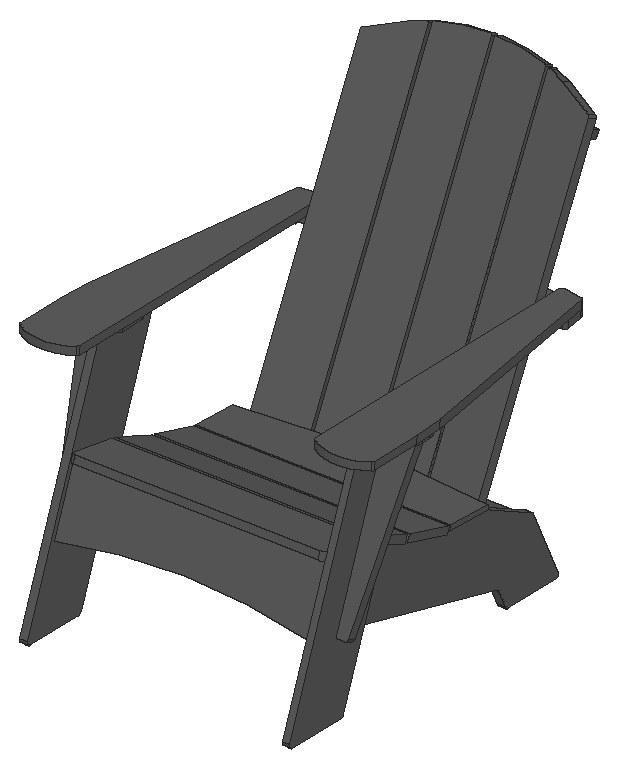
Revit family "Lollygagger Adirondack 4 Slat Curve", category Furniture, Revit 2016
Family settings
  OmniClass Number = 23.40.20.00
  OmniClass Title = General Furniture and Specialties
  Work Plane-Based = No
  Always vertical = Yes
  Cut with Voids When Loaded = No
  Shared = No
  Room Calculation Point = No
Parameters (values of type "Loll-Black")
  Width = 34 3/4"  # constant formula
  URL = "https://lolldesigns.com/"
  Type Image = adirondack_4slat_curve.jpg
  Thick = 5/8"  # constant formula
  Model = ""
  Manufacturer = "Looll"  # constant formula
  Length = 28 1/2"  # constant formula
  Height Arm = 20 5/64"  # constant formula
  Finish Material = Loll-Black
Reference planes (in)
  plane 1 "Center Front/Back": y = 0
  plane 2: z = 0
  plane 3 "Center Left/Right": x = 0
  plane 4: x = 14.25
  plane 5: x = -14.25
  plane 6: y = 17.37188
  plane 7: y = -17.37812
  plane 8: x = 10.86384
  plane 9: x = -10.88616
  plane 10: z = 20.07812
  plane 11: z = 19.45312
  plane 12: x = -10.26116
  plane 13: x = 10.23884
  plane 14: y = -14.04886
  plane 15: z = 18.82812
Forms (in)
  Extrusion 1, solid, material "Loll-Black" <- "Finish Material"
    sketch origin (-10.26116, -10.90292, 10.12102) x (0, -0.93358, 0.358368) y (0, -0.358368, -0.93358)
      loop
        line (2.51973, -9.0288) -> (2.51973, 11.44456)
        arc (2.51973, 11.44456) -> (2.41134, 11.65059) -> (2.18014, 11.67796) r 0.25
        line (2.18014, 11.67796) -> (-2.31986, 9.95057)
        arc (-2.31986, 9.95057) -> (-2.4363, 9.85878) -> (-2.48027, 9.71717) r 0.25
        line (-2.48027, 9.71717) -> (-2.48027, -10.94812) -> (-1.18605, -10.45132) -> (-1.34266, -10.04334) -> (-1.09993, -9.95017) -> (-1.05334, -10.07153) -> (0.67845, -9.40676) -> (0.63186, -9.2854) -> (0.87459, -9.19222) -> (1.0312, -9.6002) -> (2.51973, -9.0288)
    from -0.625 to 0
  Extrusion 2, solid, material "Loll-Black" <- "Finish Material"
    sketch origin (-3.01116, -10.90292, 10.12102) x (0, -0.93358, 0.358368) y (0, -0.358368, -0.93358)
      loop
        line (2.51838, -9.02932) -> (2.51838, 11.44404)
        arc (2.51838, 11.44404) -> (2.40998, 11.65007) -> (2.17879, 11.67744) r 0.25
        line (2.17879, 11.67744) -> (-2.32121, 9.95005)
        arc (-2.32121, 9.95005) -> (-2.43765, 9.85825) -> (-2.48162, 9.71665) r 0.25
        line (-2.48162, 9.71665) -> (-2.48162, -10.94864) -> (-1.18605, -10.45132) -> (-1.34402, -10.03981) -> (-1.10129, -9.94663) -> (-1.0547, -10.068) -> (0.67709, -9.40322) -> (0.6305, -9.28186) -> (0.87323, -9.18868) -> (1.0312, -9.6002) -> (2.51838, -9.02932)
    from 13.25 to 13.875
  Extrusion 3, solid, material "Loll-Black" <- "Finish Material"
    sketch origin (-9.63616, -1.7845, 5.66873) x (0, 0, 1) y (0, -1, 0)
      loop
        line (-4.03394, -6.1895) -> (-5.52439, -6.88451)
        arc (-5.52439, -6.88451) -> (-5.62958, -6.97676) -> (-5.66873, -7.11109) r 0.25
        line (-5.66873, -7.11109) -> (-5.66873, -11.91512)
        arc (-5.66873, -11.91512) -> (-5.55306, -12.12597) -> (-5.31308, -12.1417) r 0.25
        line (-5.31308, -12.1417) -> (0.02024, -9.65473)
        arc (0.02024, -9.65473) -> (0.08982, -9.60647) -> (0.13929, -9.53775) r 0.25
        line (0.13929, -9.53775) -> (2.2172, -5.27739)
        arc (2.2172, -5.27739) -> (2.23434, -5.23117) -> (2.24207, -5.18248) r 0.25
        line (2.24207, -5.18248) -> (2.47898, -1.15481) -> (3.67286, 3.0794) -> (5.26103, 7.14949) -> (5.77469, 10.10331) -> (5.61374, 10.1651)
        arc (5.61374, 10.1651) -> (5.47494, 10.29681) -> (5.46994, 10.48808) r 0.25
        line (5.46994, 10.48808) -> (0.80203, 12.27992) -> (0.70169, 12.01853) -> (-3.89898, -6.03077)
        arc (-3.89898, -6.03077) -> (-3.94914, -6.12487) -> (-4.03394, -6.1895) r 0.25
    from -0.625 to 0
  Extrusion 4, solid, material "Loll-Black" <- "Finish Material"
    sketch origin (6.86384, -1.7845, 5.66873) x (0, 0, 1) y (0, -1, 0)
      loop
        line (-4.03394, -6.1895) -> (-5.52439, -6.88451)
        arc (-5.52439, -6.88451) -> (-5.62958, -6.97676) -> (-5.66873, -7.11109) r 0.25
        line (-5.66873, -7.11109) -> (-5.66873, -11.91512)
        arc (-5.66873, -11.91512) -> (-5.55306, -12.12597) -> (-5.31308, -12.1417) r 0.25
        line (-5.31308, -12.1417) -> (0.02024, -9.65473)
        arc (0.02024, -9.65473) -> (0.08982, -9.60647) -> (0.13929, -9.53775) r 0.25
        line (0.13929, -9.53775) -> (2.2172, -5.27739)
        arc (2.2172, -5.27739) -> (2.23434, -5.23117) -> (2.24207, -5.18248) r 0.25
        line (2.24207, -5.18248) -> (2.47898, -1.15481) -> (3.67286, 3.0794) -> (5.26103, 7.14949) -> (5.77469, 10.10331) -> (5.61374, 10.1651)
        arc (5.61374, 10.1651) -> (5.47494, 10.29681) -> (5.46994, 10.48808) r 0.25
        line (5.46994, 10.48808) -> (0.80203, 12.27992) -> (0.70169, 12.01853) -> (-3.89898, -6.03077)
        arc (-3.89898, -6.03077) -> (-3.94914, -6.12487) -> (-4.03394, -6.1895) r 0.25
    from 2.75 to 3.375
  Extrusion 5, solid, material "Loll-Black" <- "Finish Material"
    sketch origin (-0.01116, 1.64458, 7.82612) x (0, 0.998275, -0.058719) y (1, 0, 0)
      loop
        arc (1.61699, -10.25) -> (2.63583, 0) -> (1.61699, 10.25) r 52.06962
        line (1.61699, 10.25) -> (-2.11282, 10.25) -> (-2.11282, -10.25) -> (1.61699, -10.25)
    from -0.625 to 0
  Extrusion 6, solid, material "Loll-Black" <- "Finish Material"
    sketch origin (-0.01116, -2.81072, 8.56787) x (0, 0.962473, -0.271379) y (1, 0, 0)
      loop
        line (2.03906, -10.25) -> (2.03906, 10.25379) -> (-2.03906, 10.25379) -> (-2.03906, -10.25) -> (2.03906, -10.25)
    from -0.625 to 0
  Extrusion 7, solid, material "Loll-Black" <- "Finish Material"
    sketch origin (-0.01116, -6.98711, 9.96881) x (0, 0.93159, -0.363512) y (1, 0, 0)
      loop
        line (-2.03906, 10.25379) -> (-2.03906, -10.25) -> (2.03906, -10.25) -> (2.03906, 10.25379) -> (-2.03906, 10.25379)
    from -0.625 to 0
  Extrusion 8, solid, material "Loll-Black" <- "Finish Material"
    sketch origin (-0.01116, -11.04345, 11.74065) x (1, 0, 0) y (0, 0.985215, -0.171324)
      loop
        line (-10.24257, 2.0734) -> (-10.24257, -1.72687)
        arc (-10.24257, -1.72687) -> (-10.13273, -1.99204) -> (-9.86757, -2.10187) r 0.375
        line (-9.86757, -2.10187) -> (9.87879, -2.10187)
        arc (9.87879, -2.10187) -> (10.14395, -1.99204) -> (10.25379, -1.72687) r 0.375
        line (10.25379, -1.72687) -> (10.25379, 2.0734) -> (-10.24257, 2.0734)
    from -0.625 to 0
  Extrusion 9, solid, material "Loll-Black" <- "Finish Material"
    sketch origin (11.80559, -10.12644, 13.06711) x (-1, 0, 0) y (0, -0.358368, -0.93358)
      loop
        line (-1.69448, -6.24736) -> (-1.69448, -6.50745) -> (0.94174, -6.50745) -> (0.94174, 7.50264) -> (0.15271, 7.50264)
        arc (0.15271, 7.50264) -> (-0.01337, 7.4395) -> (-0.09556, 7.28198) r 0.25
        line (-0.09556, 7.28198) -> (-1.69448, -6.24736)
    from -0.625 to 0
  Extrusion 10, solid, material "Loll-Black" <- "Finish Material"
    sketch origin (-11.8279, -9.54295, 12.84313) x (1, 0, 0) y (0, -0.358368, -0.93358)
      loop
        line (-1.67204, -6.24736) -> (-1.67204, -6.50745) -> (0.94174, -6.50745) -> (0.94174, 7.50264) -> (0.17516, 7.50264)
        arc (0.17516, 7.50264) -> (0.00908, 7.4395) -> (-0.07311, 7.28198) r 0.25
        line (-0.07311, 7.28198) -> (-1.67204, -6.24736)
    from -0.625 to 0
  Extrusion 11, solid, material "Loll-Black" <- "Finish Material"
    sketch origin (-0.32366, -3.77232, 7.45771) x (0, -0.983508, 0.180862) y (0, 0.180862, 0.983508)
      loop
        line (-9.48348, -1.36895) -> (9.58468, -1.36895)
        arc (9.58468, -1.36895) -> (9.60772, -1.36788) -> (9.63058, -1.3647) r 0.25
        line (9.63058, -1.3647) -> (9.66846, -1.35762) -> (9.02566, 2.08378)
        arc (9.02566, 2.08378) -> (8.99139, 2.07682) -> (8.95649, 2.07471) r 0.25
        line (8.95649, 2.07471) -> (5.73847, 2.1059) -> (1.46728, 1.2837) -> (-2.9717, 0.86985) -> (-6.63029, 1.32256) -> (-10.55812, 0.22736)
        arc (-10.55812, 0.22736) -> (-10.63343, 0.16836) -> (-10.64495, 0.07338) r 0.125
        line (-10.64495, 0.07338) -> (-10.44673, -0.63753)
        arc (-10.44673, -0.63753) -> (-10.08821, -1.16537) -> (-9.48348, -1.36895) r 1
    from -0.625 to 0
  Extrusion 12, solid, material "Loll-Black" <- "Finish Material"
    sketch origin (-0.01116, 5.8202, 6.52483) x (1, 0, 0) y (0, 0.898794, -0.438371)
      loop
        line (-9.625, 1.70263) -> (-9.625, -2.29737) -> (-9.22039, -2.29737) -> (-9.26974, -1.96342) -> (-4.87095, -1.31339) -> (-4.85102, -1.44822) -> (-4.57079, -1.42893) -> (-4.57659, -1.29899) -> (-0.14351, -1.10098) -> (-0.13749, -1.23578) -> (0.14351, -1.23578) -> (0.14351, -1.09876) -> (4.57659, -1.29677) -> (4.57079, -1.42671) -> (4.85102, -1.44601) -> (4.87095, -1.31117) -> (9.27579, -1.9621) -> (9.22624, -2.29737) -> (9.62879, -2.29737) -> (9.62879, 1.70263) -> (-9.625, 1.70263)
    from -0.625 to 0
  Extrusion 13, solid, material "Loll-Black" <- "Finish Material"
    sketch origin (-11.34614, -1.87695, 19.45312) x (1, 0, 0) y (0, -1, 0)
      loop
        arc (1.15533, 4.11078) -> (1.33182, 4.18389) -> (1.40492, 4.36037) r 0.24959
        line (1.40492, 4.36037) -> (1.40492, 6.36078)
        arc (1.40492, 6.36078) -> (1.3317, 6.53756) -> (1.15492, 6.61078) r 0.25
        line (1.15492, 6.61078) -> (-1.46629, 6.61078)
        arc (-1.46629, 6.61078) -> (-2.08501, 6.3545) -> (-2.34129, 5.73578) r 0.875
        line (-2.34129, 5.73578) -> (-2.34129, 4.98578)
        arc (-2.34129, 4.98578) -> (-2.08501, 4.36706) -> (-1.46629, 4.11078) r 0.875
        line (-1.46629, 4.11078) -> (1.15533, 4.11078)
      loop
        circle (-0.85634, 4.73887) r 0.15505
    from 0.625 to 0
  Extrusion 14, solid, material "Loll-Black" <- "Finish Material"
    sketch origin (11.34614, -1.87695, 19.45312) x (1, 0, 0) y (0, -1, 0)
      loop
        line (-1.14046, 4.11078) -> (1.48495, 4.11078)
        arc (1.48495, 4.11078) -> (2.10367, 4.36706) -> (2.35995, 4.98578) r 0.875
        line (2.35995, 4.98578) -> (2.35995, 5.73578)
        arc (2.35995, 5.73578) -> (2.10367, 6.3545) -> (1.48495, 6.61078) r 0.875
        line (1.48495, 6.61078) -> (-1.14005, 6.61078)
        arc (-1.14005, 6.61078) -> (-1.31683, 6.53756) -> (-1.39005, 6.36078) r 0.25
        line (-1.39005, 6.36078) -> (-1.39005, 4.36037)
        arc (-1.39005, 4.36037) -> (-1.31695, 4.18389) -> (-1.14046, 4.11078) r 0.24959
      loop
        circle (0.87499, 4.73887) r 0.15505
    from 0.625 to 0
  Extrusion 15, solid, material "Loll-Black" <- "Finish Material"
    sketch origin (-7.22706, 10.53671, 18.53855) x (-0.070356, 0.427917, 0.901076) y (0.986752, 0.162236, 0)
      loop
        line (-1.33393, 0.5) -> (-1.33393, -0.5)
        arc (-1.33393, -0.5) -> (-1.07765, -1.11872) -> (-0.45893, -1.375) r 0.875
        line (-0.45893, -1.375) -> (0.91607, -1.375)
        arc (0.91607, -1.375) -> (1.09284, -1.30178) -> (1.16607, -1.125) r 0.25
        line (1.16607, -1.125) -> (1.16607, 1.125)
        arc (1.16607, 1.125) -> (1.09284, 1.30178) -> (0.91607, 1.375) r 0.25
        line (0.91607, 1.375) -> (-0.45893, 1.375)
        arc (-0.45893, 1.375) -> (-1.07765, 1.11872) -> (-1.33393, 0.5) r 0.875
      loop
        circle (-0.83294, -0.00056) r 0.14999
    from -0.625 to 0
  Extrusion 16, solid, material "Loll-Black" <- "Finish Material"
    sketch origin (-2.38934, 10.47643, 18.80883) x (0.998767, 0.049636, 0) y (-0.021737, 0.437395, 0.899007)
      loop
        arc (0.5, -1.33393) -> (1.11872, -1.07765) -> (1.375, -0.45893) r 0.875
        line (1.375, -0.45893) -> (1.375, 0.91607)
        arc (1.375, 0.91607) -> (1.30178, 1.09284) -> (1.125, 1.16607) r 0.25
        line (1.125, 1.16607) -> (-1.125, 1.16607)
        arc (-1.125, 1.16607) -> (-1.30178, 1.09284) -> (-1.375, 0.91607) r 0.25
        line (-1.375, 0.91607) -> (-1.375, -0.45893)
        arc (-1.375, -0.45893) -> (-1.11872, -1.07765) -> (-0.5, -1.33393) r 0.875
        line (-0.5, -1.33393) -> (0.5, -1.33393)
      loop
        circle (-0.00166, -0.83134) r 0.14974
    from -0.625 to 0
  Extrusion 17, solid, material "Loll-Black" <- "Finish Material"
    sketch origin (7.22706, 10.53671, 18.53855) x (0.070356, 0.427917, 0.901076) y (0.986752, -0.162236, 0)
      loop
        arc (-1.33393, -0.5) -> (-1.07765, -1.11872) -> (-0.45893, -1.375) r 0.875
        line (-0.45893, -1.375) -> (0.91607, -1.375)
        arc (0.91607, -1.375) -> (1.09284, -1.30178) -> (1.16607, -1.125) r 0.25
        line (1.16607, -1.125) -> (1.16607, 1.125)
        arc (1.16607, 1.125) -> (1.09284, 1.30178) -> (0.91607, 1.375) r 0.25
        line (0.91607, 1.375) -> (-0.45893, 1.375)
        arc (-0.45893, 1.375) -> (-1.07765, 1.11872) -> (-1.33393, 0.5) r 0.875
        line (-1.33393, 0.5) -> (-1.33393, -0.5)
      loop
        circle (-0.83294, 0.00056) r 0.14999
    from -0.625 to 0
  Extrusion 18, solid, material "Loll-Black" <- "Finish Material"
    sketch origin (2.38934, 10.47643, 18.80883) x (-0.998767, 0.049636, 0) y (-0.021737, -0.437395, -0.899007)
      loop
        line (0.5, 1.33393) -> (-0.5, 1.33393)
        arc (-0.5, 1.33393) -> (-1.11872, 1.07765) -> (-1.375, 0.45893) r 0.875
        line (-1.375, 0.45893) -> (-1.375, -0.91607)
        arc (-1.375, -0.91607) -> (-1.30178, -1.09284) -> (-1.125, -1.16607) r 0.25
        line (-1.125, -1.16607) -> (1.125, -1.16607)
        arc (1.125, -1.16607) -> (1.30178, -1.09284) -> (1.375, -0.91607) r 0.25
        line (1.375, -0.91607) -> (1.375, 0.45893)
        arc (1.375, 0.45893) -> (1.11872, 1.07765) -> (0.5, 1.33393) r 0.875
      loop
        circle (-0.00166, 0.83134) r 0.14974
    from -0.625 to 0
  Extrusion 19, solid, material "Loll-Black" <- "Finish Material"
    sketch origin (-7.22706, 15.15449, 28.0064) x (-0.070356, 0.427917, 0.901076) y (0.986752, 0.162236, 0)
      loop
        circle (-0.10763, 0.30253) r 0.15414
      loop
        line (0.75534, 1.36649) -> (0.19427, 1.32648)
        arc (0.19427, 1.32648) -> (-0.73208, 0.2579) -> (0.33651, -0.66845) r 1
        line (0.33651, -0.66845) -> (0.89758, -0.62845) -> (0.75534, 1.36649)
    from -0.625 to 0
  Extrusion 20, solid, material "Loll-Black" <- "Finish Material"
    sketch origin (-2.38934, 15.09421, 28.27668) x (0.998767, 0.049636, 0) y (-0.021737, 0.437395, 0.899007)
      loop
        line (-0.96782, 0.65532) -> (-0.98006, 0.09296)
        arc (-0.98006, 0.09296) -> (-0.00206, -0.92857) -> (1.01946, 0.04944) r 1
        line (1.01946, 0.04944) -> (1.0317, 0.6118) -> (-0.96782, 0.65532)
      loop
        circle (0.01079, -0.30387) r 0.15479
    from -0.625 to 0
  Extrusion 21, solid, material "Loll-Black" <- "Finish Material"
    sketch origin (7.22706, 15.15449, 28.0064) x (0.070356, 0.427917, 0.901076) y (0.986752, -0.162236, 0)
      loop
        circle (-0.10763, -0.30253) r 0.15414
      loop
        line (0.74038, -1.36542) -> (0.88262, 0.62951) -> (0.33651, 0.66845)
        arc (0.33651, 0.66845) -> (-0.73208, -0.2579) -> (0.19427, -1.32648) r 1
        line (0.19427, -1.32648) -> (0.74038, -1.36542)
    from -0.625 to 0
  Extrusion 22, solid, material "Loll-Black" <- "Finish Material"
    sketch origin (2.38934, 15.09421, 28.27668) x (-0.998767, 0.049636, 0) y (-0.021737, -0.437395, -0.899007)
      loop
        line (-0.96782, -0.65532) -> (1.0317, -0.6118) -> (1.01946, -0.04944)
        arc (1.01946, -0.04944) -> (-0.00206, 0.92857) -> (-0.98006, -0.09296) r 1
        line (-0.98006, -0.09296) -> (-0.96782, -0.65532)
      loop
        circle (0.01079, 0.30387) r 0.15479
    from -0.625 to 0
  Extrusion 23, solid, material "Loll-Black" <- "Finish Material"
    sketch origin (-0.01116, 15.88921, 28.59444) x (0, 0.898794, -0.438371) y (1, 0, 0)
      loop
        line (1.12058, -5.03218) -> (1.34536, 0) -> (1.12058, 5.03207) -> (0.63501, 8.33304)
        arc (0.63501, 8.33304) -> (0.56692, 8.47079) -> (0.43111, 8.54269) r 0.25
        line (0.43111, 8.54269) -> (-1.26916, 8.84249) -> (-0.68778, 4.89316) -> (-0.87398, 4.86574) -> (-0.86169, 4.59049) -> (-0.67338, 4.59891) -> (-0.47437, 0.14356) -> (-0.65058, 0.13569) -> (-0.66268, -0.13515) -> (-0.47536, -0.14351) -> (-0.67338, -4.57659) -> (-0.86069, -4.56823) -> (-0.87299, -4.84358) -> (-0.68804, -4.87095) -> (-1.27254, -8.82065) -> (0.43111, -8.52025)
        arc (0.43111, -8.52025) -> (0.56692, -8.44834) -> (0.63501, -8.31059) r 0.25
        line (0.63501, -8.31059) -> (1.12058, -5.03218)
    from -0.625 to 0
  Extrusion 24, solid, material "Loll-Black" <- "Finish Material"
    sketch origin (-0.01116, 10.96931, 18.82983) x (0, -1, 0) y (1, 0, 0)
      loop
        line (-1.42725, -5.06811) -> (-0.41137, -11.24333)
        arc (-0.41137, -11.24333) -> (-0.33939, -11.38159) -> (-0.19948, -11.45033) r 0.25
        line (-0.19948, -11.45033) -> (1.35806, -11.66923)
        arc (1.35806, -11.66923) -> (1.55692, -11.61032) -> (1.64292, -11.42159) r 0.25007
        line (1.64292, -11.42159) -> (1.64292, -10.05787) -> (1.37176, -10.10245) -> (1.10944, -8.50681) -> (0.20886, -8.65487) -> (-0.24216, -5.91149) -> (0.65712, -5.76364) -> (0.51004, -4.86903) -> (0.45551, -3.7718) -> (-0.45596, -3.81709) -> (-0.59395, -1.04052) -> (0.31752, -0.99522) -> (0.26806, 0) -> (0.31752, 0.99522) -> (-0.59395, 1.04052) -> (-0.45596, 3.81709) -> (0.45551, 3.7718) -> (0.51004, 4.86903) -> (0.66084, 5.78609) -> (-0.24216, 5.93458) -> (0.20886, 8.67732) -> (1.10922, 8.52926) -> (1.37161, 10.1249) -> (1.64271, 10.08032) -> (1.64271, 11.44426)
        arc (1.64271, 11.44426) -> (1.55677, 11.63283) -> (1.35806, 11.69168) r 0.24986
        line (1.35806, 11.69168) -> (-0.19948, 11.47278)
        arc (-0.19948, 11.47278) -> (-0.33939, 11.40404) -> (-0.41137, 11.26577) r 0.25
        line (-0.41137, 11.26577) -> (-1.42725, 5.0912) -> (-1.6795, 0) -> (-1.42725, -5.06811)
    from -0.00171 to 0.62329
  Extrusion 25, solid, material "Loll-Black" <- "Finish Material"
    sketch origin (-0.01116, -13.76166, 9.0035) x (1, 0, 0) y (0, 0.358368, 0.93358)
      loop
        arc (0.875, -0.22284) -> (1.875, 0.77716) -> (0.875, 1.77716) r 1
        line (0.875, 1.77716) -> (0.3125, 1.77716) -> (0.3125, -0.22284) -> (0.875, -0.22284)
      loop
        circle (1.24771, 0.77295) r 0.15472
    from -1.25 to -0.625
  Extrusion 26, solid, material "Loll-Black" <- "Finish Material"
    sketch origin (-9.94866, -14.03044, 8.30331) x (1, 0, 0) y (0, 0.358368, 0.93358)
      loop
        arc (0.875, -0.22284) -> (1.875, 0.77716) -> (0.875, 1.77716) r 1
        line (0.875, 1.77716) -> (0.3125, 1.77716) -> (0.3125, -0.22284) -> (0.875, -0.22284)
      loop
        circle (1.24771, 0.77295) r 0.15472
    from -1.25 to -0.625
  Extrusion 27, solid, material "Loll-Black" <- "Finish Material"
    sketch origin (9.92501, -13.47351, 9.75415) x (-1, 0, 0) y (0, -0.358368, -0.93358)
      loop
        arc (0.8562, -0.22284) -> (1.8562, 0.77716) -> (0.8562, 1.77716) r 1
        line (0.8562, 1.77716) -> (0.31116, 1.77716) -> (0.31116, -0.22284) -> (0.8562, -0.22284)
      loop
        circle (1.22891, 0.77295) r 0.15472
    from -1.25 to -0.625
  Extrusion 28, solid, material "Loll-Black" <- "Finish Material"
    sketch origin (6.86384, -1.7845, 5.66873) x (0, 0, 1) y (0, -1, 0)
      loop
        line (0.78052, -6.33392) -> (0.27495, -6.08734)
        arc (0.27495, -6.08734) -> (-1.06221, -6.54776) -> (-0.60179, -7.88493) r 1
        line (-0.60179, -7.88493) -> (-0.09622, -8.13151) -> (0.78052, -6.33392)
      loop
        circle (-0.50097, -6.82302) r 0.15501
    from 2.125 to 2.75
  Extrusion 29, solid, material "Loll-Black" <- "Finish Material"
    sketch origin (-6.86384, -1.7845, 5.66873) x (0, 0, 1) y (0, 1, 0)
      loop
        line (0.78052, 6.33392) -> (-0.09622, 8.13151) -> (-0.60179, 7.88493)
        arc (-0.60179, 7.88493) -> (-1.06221, 6.54776) -> (0.27495, 6.08734) r 1
        line (0.27495, 6.08734) -> (0.78052, 6.33392)
      loop
        circle (-0.50097, 6.82302) r 0.15501
    from 2.14731 to 2.77231
  Extrusion 30, solid, material "Loll-Black" <- "Finish Material"
    sketch origin (0.7958, 5.11778, 5.47737) x (-1, 0, 0) y (0, 0.898794, -0.438371)
      loop
        line (0.49446, 1) -> (-0.06804, 1)
        arc (-0.06804, 1) -> (-1.06804, 0) -> (-0.06804, -1) r 1
        line (-0.06804, -1) -> (0.49446, -1) -> (0.49446, 1)
      loop
        circle (-0.44312, 0.00029) r 0.15386
    from -0.62438 to 0
  Extrusion 31, solid, material "Loll-Black" <- "Finish Material"
    sketch origin (-0.01116, -11.04345, 11.74065) x (1, 0, 0) y (0, 0.985215, -0.171324)
      loop
        line (-9.625, 1.5109) -> (-9.625, -0.4891) -> (-9.0625, -0.4891)
        arc (-9.0625, -0.4891) -> (-8.0625, 0.5109) -> (-9.0625, 1.5109) r 1
        line (-9.0625, 1.5109) -> (-9.625, 1.5109)
      loop
        circle (-8.68248, 0.51062) r 0.15521
    from -1.25 to -0.625
  Extrusion 32, solid, material "Loll-Black" <- "Finish Material"
    sketch origin (0.01116, -11.04345, 11.74065) x (-1, 0, 0) y (0, -0.985215, 0.171324)
      loop
        line (-9.60269, -1.5109) -> (-9.0813, -1.5109)
        arc (-9.0813, -1.5109) -> (-8.0813, -0.5109) -> (-9.0813, 0.4891) r 1
        line (-9.0813, 0.4891) -> (-9.60269, 0.4891) -> (-9.60269, -1.5109)
      loop
        circle (-8.70128, -0.51062) r 0.15521
    from -1.25 to -0.625
  Extrusion 33, solid, material "Loll-Black" <- "Finish Material"
    sketch origin (-0.01116, -7.2143, 9.38657) x (0, 0.93159, -0.363512) y (1, 0, 0)
      loop
        line (1, 9.0813) -> (1, 9.625) -> (-1, 9.625) -> (-1, 9.0813)
        arc (-1, 9.0813) -> (0, 8.0813) -> (1, 9.0813) r 1
      loop
        circle (-0.00076, 8.70652) r 0.15471
    from -0.625 to 0
  Extrusion 34, solid, material "Loll-Black" <- "Finish Material"
    sketch origin (0.01116, -7.2143, 9.38657) x (0, 0.93159, -0.363512) y (1, 0, 0)
      loop
        arc (1, -9.0625) -> (0, -8.0625) -> (-1, -9.0625) r 1
        line (-1, -9.0625) -> (-1, -9.64731) -> (1, -9.64731) -> (1, -9.0625)
      loop
        circle (-0.00076, -8.68772) r 0.15471
    from -0.625 to 0
  Extrusion 35, solid, material "Loll-Black" <- "Finish Material"
    sketch origin (-0.01116, -2.98033, 7.96632) x (0, 0.962473, -0.271379) y (1, 0, 0)
      loop
        line (-1, 9.62121) -> (-1, 9.07751)
        arc (-1, 9.07751) -> (0, 8.07751) -> (1, 9.07751) r 1
        line (1, 9.07751) -> (1, 9.62121) -> (-1, 9.62121)
      loop
        circle (-0.00006, 8.70285) r 0.15572
    from -0.625 to 0
  Extrusion 36, solid, material "Loll-Black" <- "Finish Material"
    sketch origin (0.01116, -2.98033, 7.96632) x (0, 0.962473, -0.271379) y (1, 0, 0)
      loop
        line (-1, -9.64731) -> (1, -9.64731) -> (1, -9.06629)
        arc (1, -9.06629) -> (0, -8.06629) -> (-1, -9.06629) r 1
        line (-1, -9.06629) -> (-1, -9.64731)
      loop
        circle (-0.00006, -8.69163) r 0.15572
    from -0.625 to 0
  Extrusion 37, solid, material "Loll-Black" <- "Finish Material"
    sketch origin (-0.01116, 1.64458, 7.82612) x (0, 0.998275, -0.058719) y (1, 0, 0)
      loop
        line (-1.33687, -9.0625) -> (-1.33687, -9.625) -> (0.66313, -9.625) -> (0.66313, -9.0625)
        arc (0.66313, -9.0625) -> (-0.33687, -8.0625) -> (-1.33687, -9.0625) r 1
      loop
        circle (-0.33658, -8.689) r 0.15482
    from 0 to 0.625
  Extrusion 38, solid, material "Loll-Black" <- "Finish Material"
    sketch origin (0.01116, 1.64458, 7.82612) x (0, 0.998275, -0.058719) y (1, 0, 0)
      loop
        arc (-1.33687, 9.0813) -> (-0.33687, 8.0813) -> (0.66313, 9.0813) r 1
        line (0.66313, 9.0813) -> (0.66313, 9.60269) -> (-1.33687, 9.60269) -> (-1.33687, 9.0813)
      loop
        circle (-0.33658, 8.7078) r 0.15482
    from 0 to 0.625
  Extrusion 39, solid, material "Loll-Black" <- "Finish Material"
    sketch origin (-11.34614, -1.87695, 0) x (0, -1, 0) y (1, 0, 0)
      loop
        arc (-13.25166, 1.84614) -> (-13.44224, 1.75794) -> (-13.49835, 1.55558) r 0.25
        line (-13.49835, 1.55558) -> (-13.25569, 0.07967)
        arc (-13.25569, 0.07967) -> (-13.18927, -0.05298) -> (-13.05938, -0.12464) r 0.25
        arc (-13.05938, -0.12464) -> (-4.30373, -1.68675) -> (4.52208, -2.78522) r 168.69148
        arc (4.52208, -2.78522) -> (5.73696, -2.87418) -> (6.95473, -2.90386) r 25
        line (6.95473, -2.90386) -> (11.20299, -2.90386)
        arc (11.20299, -2.90386) -> (11.31379, -2.87796) -> (11.40164, -2.80564) r 0.25
        arc (11.40164, -2.80564) -> (12.17192, -0.52886) -> (11.40164, 1.74793) r 3.75
        arc (11.40164, 1.74793) -> (11.31379, 1.82025) -> (11.20299, 1.84614) r 0.25
        line (11.20299, 1.84614) -> (-13.25166, 1.84614)
    from 19.45313 to 20.07812
  Extrusion 40, solid, material "Loll-Black" <- "Finish Material"
    sketch origin (11.34614, -1.7242, 0) x (0, 1, 0) y (-1, 0, 0)
      loop
        line (13.09891, 1.84614) -> (-11.35574, 1.84614)
        arc (-11.35574, 1.84614) -> (-11.46654, 1.82025) -> (-11.55439, 1.74793) r 0.25
        arc (-11.55439, 1.74793) -> (-12.32467, -0.52886) -> (-11.55439, -2.80564) r 3.75
        arc (-11.55439, -2.80564) -> (-11.46654, -2.87796) -> (-11.35574, -2.90386) r 0.25
        line (-11.35574, -2.90386) -> (-7.10748, -2.90386)
        arc (-7.10748, -2.90386) -> (-5.88971, -2.87418) -> (-4.67483, -2.78522) r 25
        arc (-4.67483, -2.78522) -> (4.15098, -1.68675) -> (12.90663, -0.12464) r 168.69148
        arc (12.90663, -0.12464) -> (13.03652, -0.05298) -> (13.10293, 0.07967) r 0.25
        line (13.10293, 0.07967) -> (13.34559, 1.55558)
        arc (13.34559, 1.55558) -> (13.28948, 1.75794) -> (13.09891, 1.84614) r 0.25
    from 19.45313 to 20.07812
  Extrusion 41, solid, material "Loll-Black" <- "Finish Material"
    sketch origin (-0.01116, -13.76166, 9.0035) x (1, 0, 0) y (0, 0.358368, 0.93358)
      loop
        line (-10.25, -2.72146) -> (-5.122, -1.98629) -> (0.01116, -1.7437) -> (5.14431, -1.98629) -> (10.25, -2.71827) -> (10.25, 2.77746) -> (9.62439, 2.77746)
        arc (9.62439, 2.77746) -> (0.01123, 2.65207) -> (-9.60194, 2.77687) r 369.42266
        line (-9.60194, 2.77687) -> (-10.25, 2.77687) -> (-10.25, -2.72146)
    from -0.625 to 0
  Extrusion 42, solid, material "Loll-Black" <- "Finish Material"
    sketch origin (-7.07702, 10.42112, 19.69219) x (-0.989257, -0.131392, 0.064084) y (0, 0.438371, 0.898794)
      loop
        arc (2.21875, 11.94237) -> (2.1914, 12.03281) -> (2.11852, 12.09293) r 0.1632
        arc (2.11852, 12.09293) -> (0.70974, 12.80158) -> (-0.74566, 13.40875) r 22.26584
        arc (-0.74566, 13.40875) -> (-1.3992, 13.63353) -> (-2.05877, 13.83996) r 24.71587
        arc (-2.05877, 13.83996) -> (-2.16728, 13.82955) -> (-2.21875, 13.73346) r 0.11544
        line (-2.21875, 13.73346) -> (-2.21875, -14.47665) -> (2.21875, -14.47665) -> (2.21875, 11.94237)
    from -0.625 to 0
  Extrusion 43, solid, material "Loll-Black" <- "Finish Material"
    sketch origin (7.07702, 10.42112, 19.69219) x (0.989257, -0.131392, 0.064084) y (0, -0.438371, -0.898794)
      loop
        line (2.21875, -11.94237) -> (2.21875, 14.47665) -> (-2.21875, 14.47665) -> (-2.21875, -13.73346)
        arc (-2.21875, -13.73346) -> (-2.16728, -13.82955) -> (-2.05877, -13.83996) r 0.11544
        arc (-2.05877, -13.83996) -> (-1.3992, -13.63353) -> (-0.74566, -13.40875) r 24.71587
        arc (-0.74566, -13.40875) -> (0.70974, -12.80158) -> (2.11852, -12.09293) r 22.26584
        arc (2.11852, -12.09293) -> (2.1914, -12.03281) -> (2.21875, -11.94237) r 0.1632
    from -0.625 to 0
  Extrusion 44, solid, material "Loll-Black" <- "Finish Material"
    sketch origin (-2.34776, 10.26381, 19.79582) x (0, 0.438371, 0.898794) y (-0.999004, -0.040107, 0.019562)
      loop
        arc (14.37345, -2.23443) -> (14.46244, -2.19722) -> (14.49844, -2.10773) r 0.125
        arc (14.49844, -2.10773) -> (14.34702, 0.01599) -> (13.95258, 2.10826) r 18.5
        arc (13.95258, 2.10826) -> (13.90826, 2.17655) -> (13.83128, 2.20307) r 0.125
        line (13.83128, 2.20307) -> (-14.49985, 2.20307) -> (-14.49985, -2.23443) -> (14.37345, -2.23443)
    from -0.625 to 0
  Extrusion 45, solid, material "Loll-Black" <- "Finish Material"
    sketch origin (2.34776, 10.26381, 19.79582) x (0, 0.438371, 0.898794) y (-0.999004, 0.040107, -0.019562)
      loop
        line (14.37345, 2.23443) -> (-14.49985, 2.23443) -> (-14.49985, -2.20307) -> (13.83128, -2.20307)
        arc (13.83128, -2.20307) -> (13.90826, -2.17655) -> (13.95258, -2.10826) r 0.125
        arc (13.95258, -2.10826) -> (14.34702, -0.01599) -> (14.49844, 2.10773) r 18.5
        arc (14.49844, 2.10773) -> (14.46244, 2.19722) -> (14.37345, 2.23443) r 0.125
    from -0.625 to 0
Lines and regions (in)
  Masking region 1
    outline origin (20.39075, 0, 8.91953) x (1, 0, 0) y (0, 0, 1)
      loop
        spline (-20.50631, 23.75135) -> (-20.50739, 23.76616) -> (-20.51064, 23.78076) -> (-20.51598, 23.79489) -> (-20.52332, 23.8083) -> (-20.53255, 23.82076) -> (-20.54349, 23.83206) -> (-20.55595, 23.84199) -> (-20.56973, 23.85039) -> (-20.58458, 23.85711) -> (-20.60023, 23.86203) -> (-20.61643, 23.86507) -> (-20.63288, 23.86617)
        spline (-20.63288, 23.86617) -> (-20.98748, 23.86571) -> (-21.34185, 23.85912) -> (-21.69587, 23.84641) -> (-22.0494, 23.82759) -> (-22.40232, 23.80265) -> (-22.75449, 23.77161) -> (-23.10579, 23.73448) -> (-23.45609, 23.69127) -> (-23.80525, 23.642) -> (-24.15316, 23.58669) -> (-24.49967, 23.52536) -> (-24.84467, 23.45802)
        spline (-24.84467, 23.45802) -> (-24.857, 23.45489) -> (-24.86887, 23.45062) -> (-24.88017, 23.44526) -> (-24.89077, 23.43887) -> (-24.90055, 23.43152) -> (-24.90942, 23.42328) -> (-24.91728, 23.41425) -> (-24.92404, 23.40451) -> (-24.92964, 23.39418) -> (-24.93401, 23.38336) -> (-24.93711, 23.37216) -> (-24.9389, 23.36072)
        line (-24.9389, 23.36072) -> (-24.96728, 23.07715) -> (-24.96728, 20.61788) -> (-25.18149, 20.62207) -> (-25.18149, 23.24506)
        spline (-25.18149, 23.24506) -> (-25.18302, 23.26209) -> (-25.18757, 23.27886) -> (-25.19502, 23.29493) -> (-25.20517, 23.30985) -> (-25.21774, 23.32324) -> (-25.23241, 23.33473) -> (-25.24877, 23.34401) -> (-25.26638, 23.35084) -> (-25.28479, 23.35504) -> (-25.30348, 23.35648) -> (-25.32197, 23.35514) -> (-25.33975, 23.35104)
        spline (-25.33975, 23.35104) -> (-25.44889, 23.32834) -> (-25.55788, 23.30517) -> (-25.66671, 23.28152) -> (-25.77538, 23.25741) -> (-25.88389, 23.23282) -> (-25.99223, 23.20777) -> (-26.10042, 23.18225) -> (-26.20843, 23.15625) -> (-26.31627, 23.12979) -> (-26.42394, 23.10287) -> (-26.53143, 23.07547) -> (-26.63875, 23.04761)
        spline (-26.63875, 23.04761) -> (-26.88161, 22.97885) -> (-27.12336, 22.90742) -> (-27.36396, 22.83332) -> (-27.60337, 22.75657) -> (-27.84157, 22.67719) -> (-28.07852, 22.59517) -> (-28.31419, 22.51053) -> (-28.54854, 22.42329) -> (-28.78155, 22.33346) -> (-29.01318, 22.24104) -> (-29.24339, 22.14606) -> (-29.47217, 22.04852)
        spline (-29.47217, 22.04852) -> (-29.48296, 22.04468) -> (-29.49337, 22.04011) -> (-29.50332, 22.03483) -> (-29.51276, 22.02886) -> (-29.52164, 22.02225) -> (-29.52992, 22.01502) -> (-29.53754, 22.00721) -> (-29.54447, 21.99888) -> (-29.55067, 21.99005) -> (-29.55611, 21.98079) -> (-29.56075, 21.97114) -> (-29.56457, 21.96115)
        line (-29.56457, 21.96115) -> (-29.66268, 21.66898) -> (-29.66268, 10.53359) -> (-29.8906, 10.53359) -> (-29.8906, 11.15859) -> (-34.64075, 11.15859) -> (-34.64075, 10.53359) -> (-34.07818, 10.53359) -> (-34.07818, 9.90859) -> (-33.89068, 9.90859) -> (-33.89068, 9.75601) -> (-32.29176, -2.87472)
        spline (-32.29176, -2.87472) -> (-32.2864, -2.90252) -> (-32.27748, -2.92951) -> (-32.26513, -2.95529) -> (-32.24954, -2.9795) -> (-32.23093, -3.00177) -> (-32.20957, -3.02178) -> (-32.18578, -3.03923) -> (-32.15991, -3.05387) -> (-32.13233, -3.06549) -> (-32.10345, -3.07391) -> (-32.07369, -3.07901) -> (-32.04349, -3.08072)
        line (-32.04349, -3.08072) -> (-31.27691, -3.08072) -> (-31.27691, -8.91953) -> (-30.02691, -8.91953) -> (-30.02691, -4.41422) -> (-29.40191, -4.41422) -> (-29.40191, -3.70283) -> (-20.71441, -3.70283) -> (-20.71441, -4.53989) -> (-20.08941, -4.53989) -> (-20.08941, -3.88053) -> (-19.52691, -3.88053)
        spline (-19.52691, -3.88053) -> (-19.44915, -3.87921) -> (-19.37187, -3.87523) -> (-19.29553, -3.86864) -> (-19.22058, -3.85946) -> (-19.1475, -3.84776) -> (-19.0767, -3.8336) -> (-19.00864, -3.81706) -> (-18.94371, -3.79826) -> (-18.88232, -3.77731) -> (-18.82482, -3.75432) -> (-18.77158, -3.72945) -> (-18.72291, -3.70283)
        line (-18.72291, -3.70283) -> (-11.40191, -3.70283) -> (-11.40191, -4.41422) -> (-10.77691, -4.41422) -> (-10.77691, -8.91953) -> (-9.52691, -8.91953) -> (-9.52691, -3.08072) -> (-8.73801, -3.08072)
        spline (-8.73801, -3.08072) -> (-8.70781, -3.07901) -> (-8.67805, -3.07391) -> (-8.64917, -3.06549) -> (-8.6216, -3.05387) -> (-8.59572, -3.03923) -> (-8.57193, -3.02178) -> (-8.55058, -3.00177) -> (-8.53196, -2.9795) -> (-8.51637, -2.95529) -> (-8.50402, -2.92951) -> (-8.4951, -2.90252) -> (-8.48974, -2.87472)
        line (-8.48974, -2.87472) -> (-6.89082, 9.75601) -> (-6.89082, 9.90859) -> (-6.68345, 9.90859) -> (-6.68345, 10.53359) -> (-6.14075, 10.53359) -> (-6.14075, 11.15859) -> (-10.88728, 11.15859) -> (-10.88728, 10.53359) -> (-11.11882, 10.53359) -> (-11.11882, 21.66898) -> (-11.21693, 21.96115)
        spline (-11.21693, 21.96115) -> (-11.22076, 21.97114) -> (-11.2254, 21.98079) -> (-11.23083, 21.99005) -> (-11.23703, 21.99888) -> (-11.24396, 22.00721) -> (-11.25159, 22.01502) -> (-11.25986, 22.02225) -> (-11.26875, 22.02886) -> (-11.27819, 22.03483) -> (-11.28814, 22.04011) -> (-11.29854, 22.04468) -> (-11.30934, 22.04852)
        spline (-11.30934, 22.04852) -> (-11.53811, 22.14606) -> (-11.76832, 22.24104) -> (-11.99995, 22.33346) -> (-12.23296, 22.42329) -> (-12.46731, 22.51053) -> (-12.70298, 22.59517) -> (-12.93993, 22.67719) -> (-13.17813, 22.75657) -> (-13.41755, 22.83332) -> (-13.65814, 22.90742) -> (-13.89989, 22.97885) -> (-14.14275, 23.04761)
        spline (-14.14275, 23.04761) -> (-14.25007, 23.07547) -> (-14.35756, 23.10287) -> (-14.46523, 23.12979) -> (-14.57307, 23.15625) -> (-14.68109, 23.18225) -> (-14.78927, 23.20777) -> (-14.89761, 23.23282) -> (-15.00612, 23.25741) -> (-15.1148, 23.28152) -> (-15.22363, 23.30517) -> (-15.33261, 23.32834) -> (-15.44175, 23.35104)
        spline (-15.44175, 23.35104) -> (-15.45953, 23.35514) -> (-15.47802, 23.35648) -> (-15.49672, 23.35504) -> (-15.51512, 23.35084) -> (-15.53274, 23.34401) -> (-15.5491, 23.33473) -> (-15.56376, 23.32324) -> (-15.57634, 23.30985) -> (-15.58648, 23.29493) -> (-15.59393, 23.27886) -> (-15.59848, 23.26209) -> (-15.60001, 23.24506)
        line (-15.60001, 23.24506) -> (-15.60001, 20.62207) -> (-15.81423, 20.61788) -> (-15.81423, 23.07715) -> (-15.8426, 23.36072)
        spline (-15.8426, 23.36072) -> (-15.84439, 23.37216) -> (-15.84749, 23.38336) -> (-15.85186, 23.39418) -> (-15.85746, 23.40451) -> (-15.86422, 23.41425) -> (-15.87208, 23.42328) -> (-15.88095, 23.43152) -> (-15.89073, 23.43887) -> (-15.90133, 23.44526) -> (-15.91263, 23.45062) -> (-15.92451, 23.45489) -> (-15.93683, 23.45802)
        spline (-15.93683, 23.45802) -> (-16.28183, 23.52536) -> (-16.62835, 23.58669) -> (-16.97625, 23.642) -> (-17.32541, 23.69127) -> (-17.67571, 23.73448) -> (-18.02701, 23.77161) -> (-18.37919, 23.80265) -> (-18.7321, 23.82759) -> (-19.08564, 23.84641) -> (-19.43965, 23.85912) -> (-19.79403, 23.86571) -> (-20.14862, 23.86617)
        spline (-20.14862, 23.86617) -> (-20.16507, 23.86507) -> (-20.18127, 23.86203) -> (-20.19693, 23.85711) -> (-20.21177, 23.85039) -> (-20.22555, 23.84199) -> (-20.23802, 23.83206) -> (-20.24896, 23.82076) -> (-20.25818, 23.8083) -> (-20.26553, 23.79489) -> (-20.27087, 23.78076) -> (-20.27411, 23.76616) -> (-20.27519, 23.75135)
        line (-20.27519, 23.75135) -> (-20.27519, 20.53075) -> (-20.39075, 20.53075) -> (-20.50631, 20.53075) -> (-20.50631, 23.75135)
      loop
        line (-11.11882, 3.18122) -> (-10.52312, 3.18122)
        spline (-10.52312, 3.18122) -> (-10.47858, 3.18077) -> (-10.43468, 3.17941) -> (-10.39202, 3.17717) -> (-10.35122, 3.17407) -> (-10.31286, 3.17017) -> (-10.27747, 3.16552) -> (-10.24556, 3.16018) -> (-10.21757, 3.15422) -> (-10.19392, 3.14774) -> (-10.17492, 3.14083) -> (-10.16085, 3.13357) -> (-10.15191, 3.12608)
        line (-10.15191, 3.12608) -> (-10.15191, 9.90859) -> (-11.11882, 9.90859) -> (-11.11882, 3.18122)
      loop
        line (-30.65191, 9.9103) -> (-30.65191, 3.11986)
        spline (-30.65191, 3.11986) -> (-30.64675, 3.12797) -> (-30.63562, 3.13591) -> (-30.61871, 3.14355) -> (-30.59629, 3.15075) -> (-30.56871, 3.15741) -> (-30.53643, 3.16341) -> (-30.49997, 3.16867) -> (-30.4599, 3.17309) -> (-30.41689, 3.1766) -> (-30.37163, 3.17916) -> (-30.32484, 3.1807) -> (-30.27728, 3.18122)
        line (-30.27728, 3.18122) -> (-29.66268, 3.18122) -> (-29.66268, 9.9103) -> (-30.65191, 9.9103)
      loop
        line (-15.803, 10.53359) -> (-15.60001, 10.53359) -> (-15.60001, 19.17918) -> (-15.803, 19.17918) -> (-15.803, 10.53359)
      loop
        line (-24.9785, 10.53359) -> (-24.9785, 19.1752) -> (-25.18149, 19.17918) -> (-25.18149, 10.53359) -> (-24.9785, 10.53359)
      loop
        line (-20.40191, 10.53359) -> (-20.27519, 10.53359) -> (-20.27519, 19.08763) -> (-20.40191, 19.08515) -> (-20.50631, 19.08719) -> (-20.50631, 10.53359) -> (-20.40191, 10.53359)
      loop
        line (-15.60001, 9.9103) -> (-15.803, 9.9103) -> (-15.803, 3.18122) -> (-15.60001, 3.18122) -> (-15.60001, 9.9103)
      loop
        line (-20.50631, 3.18122) -> (-20.27519, 3.18122) -> (-20.27519, 9.9103) -> (-20.50631, 9.9103) -> (-20.50631, 3.18122)
      loop
        line (-25.18149, 9.9103) -> (-25.18149, 3.18122) -> (-24.9785, 3.18122) -> (-24.9785, 9.9103) -> (-25.18149, 9.9103)
  Masking region 2
    outline origin (0, -1.72282, 0) x (0, -1, 0) y (0, 0, 1)
      loop
        line (-13.34753, 20.07812) -> (-13.34753, 19.45312) -> (12.32604, 19.45312) -> (12.32604, 20.07812) -> (-13.34753, 20.07812)
      loop
        line (-19.09521, 28.56643) -> (-18.82123, 28.00468) -> (-16.46828, 29.15229) -> (-16.74226, 29.71404) -> (-19.09521, 28.56643)
      loop
        line (-12.97124, 18.82813) -> (-12.62795, 18.12254)
        spline (-12.62795, 18.12254) -> (-12.57762, 18.01986) -> (-12.52742, 17.91894) -> (-12.47818, 17.82151) -> (-12.43077, 17.72922) -> (-12.38599, 17.64367) -> (-12.34461, 17.5663) -> (-12.30733, 17.49846) -> (-12.27479, 17.44129) -> (-12.24755, 17.39578) -> (-12.22608, 17.36271) -> (-12.21074, 17.34264) -> (-12.2018, 17.33591)
        line (-12.2018, 17.33591) -> (-12.15216, 17.33591) -> (-11.90283, 17.45752)
        spline (-11.90283, 17.45752) -> (-11.88815, 17.43863) -> (-11.87404, 17.42124) -> (-11.86052, 17.40539) -> (-11.84762, 17.39112) -> (-11.83537, 17.37845) -> (-11.8238, 17.36741) -> (-11.81292, 17.35803) -> (-11.80277, 17.35033) -> (-11.79337, 17.34432) -> (-11.78473, 17.34002) -> (-11.77688, 17.33743) -> (-11.76984, 17.33657)
        line (-11.76984, 17.33657) -> (-11.6076, 17.33657) -> (-11.05189, 17.60761)
        spline (-11.05189, 17.60761) -> (-11.03656, 17.61435) -> (-11.02791, 17.63448) -> (-11.02607, 17.66763) -> (-11.03107, 17.71324) -> (-11.04285, 17.77054) -> (-11.06118, 17.83854) -> (-11.08576, 17.91608) -> (-11.11617, 18.00183) -> (-11.15188, 18.09433) -> (-11.19229, 18.19199) -> (-11.2367, 18.29314) -> (-11.28436, 18.39605)
        line (-11.28436, 18.39605) -> (-11.48955, 18.82813) -> (-12.97124, 18.82813)
      loop
        line (11.13619, 12.05637) -> (11.36447, 11.46169) -> (11.4985, 11.485) -> (11.39142, 12.10075) -> (11.13619, 12.05637)
      loop
        line (8.33003, 5.41453) -> (6.34297, 10.59099) -> (3.14108, 9.34159) -> (-1.09314, 8.14771) -> (-5.1208, 7.9108)
        arc (-5.1208, 7.9108) -> (-5.16949, 7.90307) -> (-5.21571, 7.88593) r 0.25
        line (-5.21571, 7.88593) -> (-9.47607, 5.80802)
        arc (-9.47607, 5.80802) -> (-9.54479, 5.75855) -> (-9.59305, 5.68898) r 0.25
        line (-9.59305, 5.68898) -> (-12.08002, 0.35565)
        arc (-12.08002, 0.35565) -> (-12.06429, 0.11568) -> (-11.85344, 0) r 0.25
        line (-11.85344, 0) -> (-7.04941, 0)
        arc (-7.04941, 0) -> (-6.91508, 0.03915) -> (-6.82283, 0.14435) r 0.25
        line (-6.82283, 0.14435) -> (-6.12783, 1.63479)
        arc (-6.12783, 1.63479) -> (-6.06319, 1.7196) -> (-5.96909, 1.76975) r 0.25
        line (-5.96909, 1.76975) -> (8.33003, 5.41453)
  Masking region 3
    outline origin (0, 0, 0) x (0, 1, 0) y (0, 0, 1)
      loop
        line (-12.06972, 0.16041) -> (-4.66394, 19.45312) -> (-10.01966, 19.45312) -> (-17.35666, 0.33959)
        arc (-17.35666, 0.33959) -> (-17.3293, 0.1084) -> (-17.12327, 0) r 0.25
        line (-17.12327, 0) -> (-12.30312, 0)
        arc (-12.30312, 0) -> (-12.16151, 0.04397) -> (-12.06972, 0.16041) r 0.25
      loop
        line (12.64882, 19.45312) -> (9.32661, 19.45312) -> (9.32661, 18.82812) -> (12.64882, 18.82812) -> (12.64882, 19.45312)
      loop
        line (14.88091, 29.08623) -> (14.63433, 28.58065)
        spline (14.63433, 28.58065) -> (14.57823, 28.46279) -> (14.52535, 28.34585) -> (14.47657, 28.23182) -> (14.43275, 28.12267) -> (14.39462, 28.02026) -> (14.36284, 27.92634) -> (14.33795, 27.84252) -> (14.32038, 27.77023) -> (14.31044, 27.71072) -> (14.30828, 27.66499) -> (14.31395, 27.63383) -> (14.32735, 27.61778)
        line (14.32735, 27.61778) -> (15.24914, 27.16819)
        spline (15.24914, 27.16819) -> (15.25813, 27.17332) -> (15.27446, 27.19375) -> (15.29786, 27.22912) -> (15.32793, 27.27882) -> (15.36415, 27.34201) -> (15.4059, 27.4176) -> (15.45247, 27.50431) -> (15.50306, 27.60064) -> (15.55681, 27.70495) -> (15.6128, 27.81546) -> (15.67006, 27.93027) -> (15.72762, 28.04742)
        line (15.72762, 28.04742) -> (15.97421, 28.55299) -> (14.88091, 29.08623)
  Masking region 4
    outline origin (0, 0, 0) x (0, 1, 0) y (0, 0, 1)
      loop
        line (14.85084, 30.92478) -> (9.56057, 20.07812) -> (11.20656, 20.07812) -> (14.77694, 27.39849) -> (14.32735, 27.61778)
        spline (14.32735, 27.61778) -> (14.31394, 27.63384) -> (14.30828, 27.66498) -> (14.31045, 27.71074) -> (14.3204, 27.77027) -> (14.33795, 27.84252) -> (14.36283, 27.92633) -> (14.39461, 28.02025) -> (14.43278, 28.12275) -> (14.47662, 28.23192) -> (14.52529, 28.34572) -> (14.57805, 28.4624) -> (14.63433, 28.58065)
        line (14.63433, 28.58065) -> (14.88091, 29.08623) -> (14.74546, 29.15229) -> (15.01944, 29.71404) -> (15.73588, 29.3646) -> (17.21538, 32.39803)
        spline (17.21538, 32.39803) -> (17.22249, 32.41272) -> (17.2294, 32.4272) -> (17.23597, 32.44122) -> (17.24211, 32.45454) -> (17.24771, 32.46693) -> (17.25266, 32.47819) -> (17.2569, 32.48812) -> (17.26033, 32.49655) -> (17.26291, 32.50334) -> (17.2646, 32.50837) -> (17.26535, 32.51155) -> (17.26517, 32.51283)
        line (17.26517, 32.51283) -> (16.7068, 32.78516)
        spline (16.7068, 32.78516) -> (16.68919, 32.78572) -> (16.66852, 32.77997) -> (16.6448, 32.76792) -> (16.61803, 32.74957) -> (16.58822, 32.72494) -> (16.55539, 32.69404) -> (16.51955, 32.65686) -> (16.48071, 32.61343) -> (16.43888, 32.56377) -> (16.39409, 32.50789) -> (16.34634, 32.44581) -> (16.29566, 32.37756)
        spline (16.29566, 32.37756) -> (16.29413, 32.37535) -> (16.29231, 32.37251) -> (16.2902, 32.36907) -> (16.28781, 32.36503) -> (16.28518, 32.36043) -> (16.2823, 32.35529) -> (16.27919, 32.34964) -> (16.27588, 32.34352) -> (16.27238, 32.33695) -> (16.26871, 32.32998) -> (16.2649, 32.32265) -> (16.26096, 32.315)
        spline (16.26096, 32.315) -> (16.22753, 32.28955) -> (16.19381, 32.26345) -> (16.15981, 32.2367) -> (16.12553, 32.20932) -> (16.09098, 32.18129) -> (16.05615, 32.15261) -> (16.02104, 32.1233) -> (15.98565, 32.09335) -> (15.95, 32.06275) -> (15.91407, 32.03152) -> (15.87786, 31.99965) -> (15.84139, 31.96714)
        spline (15.84139, 31.96714) -> (15.76524, 31.89584) -> (15.68788, 31.82166) -> (15.60933, 31.74463) -> (15.52961, 31.66475) -> (15.44871, 31.58203) -> (15.36667, 31.4965) -> (15.28348, 31.40815) -> (15.19916, 31.31701) -> (15.11372, 31.22309) -> (15.02718, 31.1264) -> (14.93955, 31.02696) -> (14.85084, 30.92478)
      loop
        line (9.25574, 19.45312) -> (3.8276, 8.32379) -> (-0.4279, 8.5741) -> (-0.45359, 8.13736) -> (3.39798, 7.9108)
        arc (3.39798, 7.9108) -> (3.44667, 7.90307) -> (3.49289, 7.88593) r 0.25
        line (3.49289, 7.88593) -> (4.92044, 7.18967) -> (9.87237, 17.34262) -> (9.32907, 17.60761)
        spline (9.32907, 17.60761) -> (9.31374, 17.61436) -> (9.30509, 17.63447) -> (9.30324, 17.66763) -> (9.30825, 17.71324) -> (9.32003, 17.77054) -> (9.33836, 17.83854) -> (9.36293, 17.91607) -> (9.39338, 18.0019) -> (9.4291, 18.09442) -> (9.46942, 18.19188) -> (9.51373, 18.2928) -> (9.56154, 18.39605)
        line (9.56154, 18.39605) -> (9.76609, 18.82678) -> (9.32661, 18.82678) -> (9.32661, 19.45312) -> (9.25574, 19.45312)
      loop
        line (-8.06579, 10.59099) -> (-5.01938, 9.40226) -> (-4.86034, 9.80983) -> (-7.90901, 10.99944) -> (-8.06579, 10.59099)
      loop
        line (-4.60365, 9.72277) -> (-4.72238, 9.30169) -> (-0.79729, 8.19497) -> (-0.67857, 8.61605) -> (-4.60365, 9.72277)
  Masking region 5
    outline origin (0, 0, 0) x (1, 0, 0) y (0, 1, 0)
      loop
        line (0, 17.37284) -> (-5.04333, 17.17036) -> (-8.32505, 16.7335)
        spline (-8.32505, 16.7335) -> (-8.35023, 16.72865) -> (-8.37473, 16.7215) -> (-8.39827, 16.71212) -> (-8.42062, 16.70061) -> (-8.44153, 16.6871) -> (-8.46078, 16.67173) -> (-8.47817, 16.65466) -> (-8.49352, 16.63607) -> (-8.50665, 16.61616) -> (-8.51744, 16.59514) -> (-8.52576, 16.57323) -> (-8.53154, 16.55068)
        line (-8.53154, 16.55068) -> (-8.71555, 15.61268)
        spline (-8.71555, 15.61268) -> (-8.75387, 15.59878) -> (-8.79215, 15.58484) -> (-8.83039, 15.57088) -> (-8.8686, 15.55689) -> (-8.90676, 15.54287) -> (-8.94488, 15.52882) -> (-8.98297, 15.51475) -> (-9.02101, 15.50064) -> (-9.05901, 15.48651) -> (-9.09698, 15.47236) -> (-9.1349, 15.45817) -> (-9.17278, 15.44396)
        spline (-9.17278, 15.44396) -> (-9.18704, 15.43905) -> (-9.20056, 15.43364) -> (-9.21323, 15.42777) -> (-9.22491, 15.4215) -> (-9.23549, 15.4149) -> (-9.24488, 15.40802) -> (-9.25298, 15.40094) -> (-9.25971, 15.39371) -> (-9.26502, 15.38641) -> (-9.26885, 15.37911) -> (-9.27116, 15.37188) -> (-9.27193, 15.36479)
        line (-9.27193, 15.36479) -> (-9.27193, 11.6694) -> (-11.26196, 11.3796)
        arc (-11.26196, 11.3796) -> (-11.39746, 11.3139) -> (-11.47078, 11.18243) r 0.25
        arc (-11.47078, 11.18243) -> (-13.03289, 2.42678) -> (-14.13136, -6.39902) r 168.69148
        arc (-14.13136, -6.39902) -> (-14.22032, -7.6139) -> (-14.25, -8.83168) r 25
        line (-14.25, -8.83168) -> (-14.25, -13.07994)
        arc (-14.25, -13.07994) -> (-14.22411, -13.19074) -> (-14.15179, -13.27859) r 0.25
        arc (-14.15179, -13.27859) -> (-12.59355, -13.97938) -> (-10.88616, -13.91614) r 3.75
        line (-10.88616, -13.91614) -> (-10.88616, -17.37812) -> (-10.26116, -17.37812) -> (-10.26116, -14.73695) -> (-5.13315, -14.47348) -> (0, -14.38655) -> (5.13315, -14.47348) -> (10.23884, -14.7358) -> (10.23884, -17.37812) -> (10.86384, -17.37812) -> (10.86384, -13.90997)
        arc (10.86384, -13.90997) -> (12.58219, -13.98158) -> (14.15179, -13.27859) r 3.75
        arc (14.15179, -13.27859) -> (14.22226, -13.19439) -> (14.24987, -13.08811) r 0.25
        line (14.24987, -13.08811) -> (14.24987, -8.74997)
        arc (14.24987, -8.74997) -> (14.2183, -7.5731) -> (14.13136, -6.39902) r 25
        arc (14.13136, -6.39902) -> (13.03289, 2.42678) -> (11.47078, 11.18243) r 168.69148
        arc (11.47078, 11.18243) -> (11.39783, 11.31355) -> (11.26296, 11.37929) r 0.25
        line (11.26296, 11.37929) -> (9.27193, 11.70749) -> (9.27193, 15.36479)
        spline (9.27193, 15.36479) -> (9.27116, 15.37188) -> (9.26885, 15.37911) -> (9.26502, 15.38641) -> (9.25971, 15.39371) -> (9.25298, 15.40094) -> (9.24488, 15.40802) -> (9.23549, 15.4149) -> (9.22491, 15.4215) -> (9.21323, 15.42777) -> (9.20056, 15.43364) -> (9.18704, 15.43905) -> (9.17278, 15.44396)
        spline (9.17278, 15.44396) -> (9.1349, 15.45817) -> (9.09698, 15.47236) -> (9.05901, 15.48651) -> (9.02101, 15.50064) -> (8.98297, 15.51475) -> (8.94488, 15.52882) -> (8.90676, 15.54287) -> (8.8686, 15.55689) -> (8.83039, 15.57088) -> (8.79215, 15.58484) -> (8.75387, 15.59878) -> (8.71555, 15.61268)
        line (8.71555, 15.61268) -> (8.53154, 16.55068)
        spline (8.53154, 16.55068) -> (8.52576, 16.57323) -> (8.51744, 16.59514) -> (8.50665, 16.61616) -> (8.49352, 16.63607) -> (8.47817, 16.65466) -> (8.46078, 16.67173) -> (8.44153, 16.6871) -> (8.42062, 16.70061) -> (8.39827, 16.71212) -> (8.37473, 16.7215) -> (8.35023, 16.72865) -> (8.32505, 16.7335)
        line (8.32505, 16.7335) -> (5.04333, 17.17036) -> (0, 17.37284)
      loop
        line (-4.79074, 15.10714) -> (-4.79074, 12.41093) -> (-4.58775, 12.41093) -> (-4.58775, 15.11529) -> (-4.79074, 15.10714)
      loop
        line (-4.58775, 7.35052) -> (-4.58775, 10.4738) -> (-4.79074, 10.46372) -> (-4.79074, 7.35052) -> (-4.58775, 7.35052)
      loop
        line (-9.50365, 7.35052) -> (-9.27193, 7.35052) -> (-9.27193, 9.69783) -> (-9.50365, 9.69783) -> (-9.50365, 7.35052)
      loop
        line (4.79074, 15.10714) -> (4.58775, 15.11529) -> (4.58775, 12.41093) -> (4.79074, 12.41093) -> (4.79074, 15.10714)
      loop
        line (4.58775, 7.35052) -> (4.79074, 7.35052) -> (4.79074, 10.46372) -> (4.58775, 10.4738) -> (4.58775, 7.35052)
      loop
        line (9.50365, 7.35052) -> (9.50365, 9.69783) -> (9.27193, 9.73592) -> (9.27193, 7.35052) -> (9.50365, 7.35052)
      loop
        line (-0.12678, 15.29439) -> (-0.12678, 12.64306) -> (-0.01116, 12.64882) -> (0.12678, 12.64198) -> (0.12678, 15.30457) -> (-0.12678, 15.29439)
      loop
        line (-0.12678, 10.6955) -> (-0.12678, 7.35052) -> (0.12678, 7.35052) -> (0.12678, 10.6944) -> (-0.01116, 10.70125) -> (-0.12678, 10.6955)
      loop
        line (-0.32366, -0.4646) -> (-9.50365, -0.4646) -> (-9.50365, -0.67857) -> (-0.32366, -0.67857) -> (-0.32366, -0.4646)
      loop
        line (-0.32366, -4.86034) -> (-0.32366, -4.77326) -> (-9.50365, -4.77326) -> (-9.50365, -4.86034) -> (-0.32366, -4.86034)
      loop
        line (-9.50365, -9.0007) -> (-0.32366, -9.0007) -> (-0.32366, -8.88668) -> (-9.50365, -8.88668) -> (-9.50365, -9.0007)
      loop
        line (0.32366, -0.4646) -> (0.32366, -0.67857) -> (9.50365, -0.67857) -> (9.50365, -0.4646) -> (0.32366, -0.4646)
      loop
        line (0.32366, -4.86034) -> (9.50365, -4.86034) -> (9.50365, -4.77326) -> (0.32366, -4.77326) -> (0.32366, -4.86034)
      loop
        line (9.50365, -9.0007) -> (9.50365, -8.88668) -> (0.32366, -8.88668) -> (0.32366, -9.0007) -> (9.50365, -9.0007)
  symbolic lines, style "Furniture", detail levels medium+fine
    curve 1: spline (-9.5, 3.40547, 0) -> (-7.93022, 3.67119, 0) -> (-6.35303, 3.88887, 0) -> (-4.76992, 4.05832, 0) -> (-3.18235, 4.17937, 0) -> (-1.59182, 4.2519, 0) -> (0.00019, 4.27586, 0) -> (1.59219, 4.25121, 0) -> (3.18269, 4.17798, 0) -> (4.7702, 4.05624, 0) -> (6.35324, 3.88611, 0) -> (7.93033, 3.66774, 0) -> (9.5, 3.40133, 0)
    curve 20: line (0, -7.915, 18.82812) -> (0, -12.81515, 6.06279)
    curve 21: line (0, -12.23166, 5.83881) -> (0, -7.24553, 18.82812)
    curve 22: line (0, -5.98773, 18.82812) -> (0, -8.48773, 18.82812)
    curve 23: line (0, -12.23166, 5.83881) -> (0, -12.81515, 6.06279)
    curve 24: line (0, -5.98773, 19.45312) -> (0, -5.98773, 18.82812)
    curve 25: line (0, -8.48773, 18.82812) -> (0, -8.48773, 19.45312)
    curve 26: spline (0, 10.68134, 17.78775) -> (0, 10.69804, 17.82259) -> (0, 10.7131, 17.85506) -> (0, 10.72548, 17.88294) -> (0, 10.73435, 17.90433) -> (0, 10.7391, 17.91778) -> (0, 10.73941, 17.92237) -> (0, 10.73525, 17.91778) -> (0, 10.72692, 17.90433) -> (0, 10.71497, 17.88294) -> (0, 10.70022, 17.85506) -> (0, 10.68368, 17.82259) -> (0, 10.66648, 17.78775)
    curve 27: spline (0, 10.66648, 17.78775) -> (0, 10.64978, 17.7529) -> (0, 10.63473, 17.72043) -> (0, 10.62234, 17.69255) -> (0, 10.61347, 17.67116) -> (0, 10.60872, 17.65771) -> (0, 10.60841, 17.65312) -> (0, 10.61257, 17.65771) -> (0, 10.62091, 17.67116) -> (0, 10.63285, 17.69255) -> (0, 10.6476, 17.72043) -> (0, 10.66414, 17.7529) -> (0, 10.68134, 17.78775)
    curve 28: spline (0, 10.42934, 17.33591) -> (0, 10.42695, 17.34264) -> (0, 10.43114, 17.36271) -> (0, 10.44185, 17.39579) -> (0, 10.4589, 17.44129) -> (0, 10.48199, 17.49846) -> (0, 10.51073, 17.56631) -> (0, 10.54462, 17.64367) -> (0, 10.58309, 17.72922) -> (0, 10.62548, 17.82151) -> (0, 10.67106, 17.91894) -> (0, 10.71905, 18.01986) -> (0, 10.76863, 18.12254)
    curve 29: line (0, 10.76863, 18.12254) -> (0, 11.11192, 18.82812)
    curve 30: spline (0, 10.11601, 17.65285) -> (0, 10.12449, 17.65746) -> (0, 10.13677, 17.67096) -> (0, 10.15201, 17.69244) -> (0, 10.16917, 17.72043) -> (0, 10.18708, 17.75302) -> (0, 10.20452, 17.788) -> (0, 10.22031, 17.82298) -> (0, 10.23335, 17.85558) -> (0, 10.24278, 17.88357) -> (0, 10.24794, 17.90505) -> (0, 10.24848, 17.91855) -> (0, 10.24437, 17.92316)
    curve 31: spline (0, 10.24437, 17.92316) -> (0, 10.23589, 17.91855) -> (0, 10.22361, 17.90505) -> (0, 10.20837, 17.88357) -> (0, 10.19121, 17.85558) -> (0, 10.1733, 17.82298) -> (0, 10.15586, 17.788) -> (0, 10.14007, 17.75302) -> (0, 10.12702, 17.72043) -> (0, 10.1176, 17.69244) -> (0, 10.11244, 17.67096) -> (0, 10.11189, 17.65746) -> (0, 10.11601, 17.65285)
